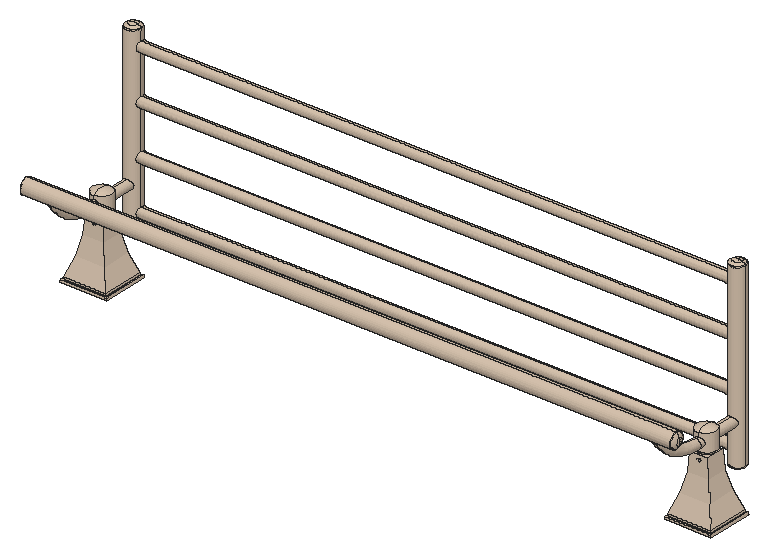
Revit family "Accessory-Towel_Bar-KOHLER-Memoirs-K-37353T_1", category Specialty Equipment, host Face, Revit 2021
Family settings
  Host = Face
  Round Connector Dimension = Use Diameter
  Part Type = Normal
  OmniClass Number = 23.31.25.25
  OmniClass Title = Towel Bars
  Cut with Voids When Loaded = No
  Shared = No
  Room Calculation Point = No
Parameters (values of type "AF-Vibrant French Gold")
  Width = 8 129/256"  # constant formula
  WaterSense Certified = 1 = 0  # no
  URL = "http://www.kohler.com.cn/"
  Type = 1
  Product Page URL = "https://www.kohler.com.cn/product/K-37353T-CP/K-37353T-AF/"
  Product Name = "Memoirs"  # constant formula
  Product Documentation Link = "https://files.kohler.com.cn/pdfs/memoirs_acc_ins.pdf"
  Model = if(Type = 1, "K-37353T-AF", if(Type = 2, "K-37353T-BN", if(Type = 3, "K-37353T-CP", if(Type = 4, "K-37353T-RGD", if(Type = 5, "K-37353T-2MB", if(Type = 6, "K-37353T-BL", "NA"))))))  # "K-37353T-AF"
  Material = "Premium Metal Construction"  # constant formula
  Master Format 2014 Name = "Toilet, Bath, and Laundry Accessories"  # constant formula
  Master Format 2014 = "10 28 00"  # constant formula
  Manufacturer Address = "Kohler Beijing Office (100016) 36-2-03-B, No. 88, Liuxiang Road, Beijing"  # constant formula
  Manufacturer = "Kohler Co."  # constant formula
  Length = 26 1/16"  # constant formula
  Height = 4 103/128"  # constant formula
  Finish = Kohler-Metal-AF-Vibrant_French_Gold
  Environmental Product Declaration = ""
  Description = "MAYMA 24 Inch "  # constant formula
  Default Elevation = 42"
  Declare Label = ""
  Date Modified = "04/26/2023"  # constant formula
  Date Created = "04/26/2023"  # constant formula
  Copyright = "Copyright Kohler Co."  # constant formula
  Contact Us = "http://www.kohler.com.cn/contact/contact-us/"
  Assembly Code = "C1030200"
  ADA Compliant = 1 = 0  # no
Types (7): name | Type | Product Page URL | Model | Finish
  (no name) | 1 | "https://www.kohler.com.cn/product/K-37353T-CP/K-37353T-AF/" | "K-37353T-AF" | Kohler-Metal-AF-Vibrant_French_Gold
  AF-Vibrant French Gold | 1 | "https://www.kohler.com.cn/product/K-37353T-CP/K-37353T-AF/" | "K-37353T-AF" | Kohler-Metal-AF-Vibrant_French_Gold
  BN-Vibrant Brushed Nickel | 2 | "https://www.kohler.com.cn/product/K-37353T-CP/K-37353T-BN/" | "K-37353T-BN" | Kohler-Metal-BN-Vibrant_Brushed_Nickel
  CP-Polished Chrome | 3 | "https://www.kohler.com.cn/product/K-37353T-CP/K-37353T-CP/" | "K-37353T-CP" | Kohler-Metal-CP-Polished_Chrome
  RGD-Polished Rose Gold | 4 | "https://www.kohler.com.cn/product/K-37353T-CP/K-37353T-RGD/" | "K-37353T-RGD" | Kohler-Metal-RGD-Polished_Rose_Gold
  2MB-Vibrant Brushed Moderne Brass | 5 | "https://www.kohler.com.cn/product/K-37353T-CP/K-37353T-2MB/" | "K-37353T-2MB" | Kohler-Metal-2MB-Vibrant_Brushed_Moderne_Brass
  BL-Matte Black | 6 | "https://www.kohler.com.cn/product/K-37353T-CP/K-37353T-BL/" | "K-37353T-BL" | Kohler-Metal-BL-Matte_Black
Reference planes (in)
  plane 1 "Center (Front/Back)": y = 0
  plane 2: z = 0
  plane 3 "Center (Left/Right)": x = 0
  plane 4: y = 2.40157
  plane 5: y = 2.27953
  plane 6: y = 2.08268
  plane 7: y = 1.88583
  plane 8: y = 1.76378
  plane 9: y = 1.45256
  plane 10: y = 0.52736
  plane 11: y = -0.39744
  plane 12: y = -1.77953
  plane 13: y = -2.09055
  plane 14: y = -2.40311
  plane 15: x = -13.0315
  plane 16: x = -12.93287
  plane 17: x = -12.32658
  plane 18: x = -12.20471
  plane 19: x = -11.81065
  plane 20: x = -11.68878
  plane 21: x = -11.08287
  plane 22: x = 13.031
  plane 23: x = 12.93287
  plane 24: x = 12.32658
  plane 25: x = 12.20471
  plane 26: x = 11.81065
  plane 27: x = 11.68878
  plane 28: x = 11.08287
  plane 29: z = 8.50391
  plane 30: z = 7.95276
  plane 31: z = 7.75591
  plane 32: z = 7.55906
  plane 33: z = 5.98268
  plane 34: z = 5.7874
  plane 35: z = 5.59213
  plane 36: z = 4.4983
  plane 37: z = 4.18898
  plane 38: z = 3.87965
  plane 39: z = 4.01417
  plane 40: z = 3.8189
  plane 41: z = 3.62362
  plane 42: z = 2.83465
  plane 43: z = 2.04567
  plane 44: z = 1.85039
  plane 45: z = 1.65512
  plane 46: x = -12.00768
  plane 47: x = 12.00768
Dimensions and locks (in)
  "Length": plane 15 to plane 22
  "Height": plane 4 to plane 14
  "Width": level to plane 29
  plane 44 to level = 1.85039"
  plane 40 to plane 44 = 1.9685"
  plane 34 to plane 40 = 1.9685"
  plane 31 to plane 34 = 1.9685"
  plane 29 to level = 8 129/256"
  plane 30 to plane 32 = 0.3937"
  level to plane 42 = 2.83465"
  level to plane 37 = 4.18898"
  plane 6 to plane 13 = 4.17323"
  plane 6 to plane 10 = 1.55531"
  aligned and locked: plane 2 to host face
  aligned and locked: level to host face
  aligned and locked: plane 3 "Center (Left/Right)" to nested 1
  aligned and locked: plane 1 "Center (Front/Back)" to nested 1
Automatic sketch dimensions
  host sketch curve to host sketch curve = 96"  (x2)
Nested families (in)
  nested 1: "K-37353T" at (0, 0, 0), type "K-37353T"
Definition of nested family "K-37353T"
  Parameters
    Material = none
    Default Elevation = 0"
  Reference planes (in)
    plane 1 "Center (Front/Back)": y = 0
    plane 2: z = 0
    plane 3 "Center (Left/Right)": x = 0
    plane 4: y = -2.40157
    plane 5: y = 2.40157
    plane 6: x = 13.0315
    plane 7: x = -13.0315
    plane 8: z = 8.50394
    plane 9: z = 1.85039
    plane 10: z = 3.8189
    plane 11: z = 5.7874
    plane 12: z = 7.75591
    plane 13: z = 7.55906
    plane 14: z = 7.95276
    plane 15: z = 2.83465
    plane 16: z = 4.18898
    plane 17: y = 2.27953
    plane 18: y = 1.88583
    plane 19: y = 1.76378
    plane 20: y = 1.45256
    plane 21: y = -0.39744
    plane 22: x = -12.93287
    plane 23: x = -11.08287
    plane 24: x = 12.93287
    plane 25: x = 11.08287
    plane 26 "A": x = -12.00768
    plane 27 "D": y = 0.52736
    plane 28: x = -12.20471
    plane 29: x = -11.81065
    plane 30: x = 12.00768
    plane 31: x = 12.20471
    plane 32: x = 11.81065
    plane 33: y = -1.77953
    plane 34: z = 5.98268
    plane 35: z = 5.59213
    plane 36: z = 4.4983
    plane 37: z = 3.87965
    plane 38: z = 4.01417
    plane 39: z = 3.62362
    plane 40: z = 2.04567
    plane 41: z = 1.65512
    plane 42 "C": y = 2.08268
    plane 43 "B": y = -2.09055
    plane 44: x = -12.32658
    plane 45: x = -11.68878
    plane 46: x = 12.32658
    plane 47: x = 11.68878
  Forms (in)
    Sweep 1, solid, material <- "Material", detail levels medium+fine
      path origin (0, 0, 0) x (1, 0, 0) y (0, 1, 0)
        loop
          line (-11.08287, 1.45256) -> (-12.93287, 1.45256) -> (-12.93287, -0.39744) -> (-11.08287, -0.39744) -> (-11.08287, 1.45256)
      profile origin (-12.00787, 1.45256, 0) x (0, -1, 0) y (0, 0, 1)
        loop
          line (0.08033, 0.11) -> (0.03772, 0.11)
          arc (0.03772, 0.11) -> (0.02053, 0.10427) -> (0.01021, 0.08938) r 0.02866
          arc (0.01021, 0.08938) -> (0.00128, 0.04513) -> (0, 0) r 0.26476
          line (0, 0) -> (0.59802, 0) -> (0.59802, 2.39978) -> (0.56469, 2.39978)
          arc (0.56469, 2.39978) -> (0.44026, 1.26944) -> (0.08033, 0.19073) r 5.36376
          line (0.08033, 0.19073) -> (0.08033, 0.11)
    Sweep 2, solid, material <- "Material", detail levels medium+fine
      path origin (0, 0, 0) x (-1, 0, 0) y (0, -1, 0)
        loop
          line (-11.08287, -1.45256) -> (-11.08287, 0.39744) -> (-12.93287, 0.39744) -> (-12.93287, -1.45256) -> (-11.08287, -1.45256)
      profile origin (12.00787, 1.45256, 0) x (0, 1, 0) y (0, 0, 1)
        loop
          line (-0.08033, 0.11) -> (-0.08033, 0.19073)
          arc (-0.08033, 0.19073) -> (-0.44026, 1.26944) -> (-0.56469, 2.39978) r 5.36376
          line (-0.56469, 2.39978) -> (-0.59802, 2.39978) -> (-0.59802, 0) -> (0, 0)
          arc (0, 0) -> (-0.00128, 0.04513) -> (-0.01021, 0.08938) r 0.26476
          arc (-0.01021, 0.08938) -> (-0.02053, 0.10427) -> (-0.03772, 0.11) r 0.02866
          line (-0.03772, 0.11) -> (-0.08033, 0.11)
    Extrusion 3, solid, material <- "Material", detail levels medium+fine
      sketch origin (-11.64756, 0.88787, 2.39978) x (-1, 0, 0) y (0, -1, 0)
        loop
          line (0.68729, 0.03333) -> (0.68729, 0.68729) -> (0.03333, 0.68729) -> (0.03333, 0.03333) -> (0.68729, 0.03333)
        loop
          line (-23.32846, 0.03333) -> (-23.32846, 0.68729) -> (-23.98242, 0.68729) -> (-23.98242, 0.03333) -> (-23.32846, 0.03333)
      from -2.39978 to 0
    Sweep 4, solid, material <- "Material", detail levels medium+fine
      path origin (0, -0.00002, 0) x (0, 1, 0) y (0, 0, 1)
        loop
          line (2.07352, 2.83307) -> (-0.01199, 2.83307)
          arc (-0.01199, 2.83307) -> (-1.21722, 3.18428) -> (-2.04511, 4.12796) r 2.24355
      profile origin (0, 1.03074, 2.83307) x (0, 0, -1) y (1, 0, 0)
        loop
          circle (0, -12.00758) r 0.19685
    Sweep 5, solid, material <- "Material", detail levels medium+fine
      path origin (0, -0.00002, 0) x (0, 1, 0) y (0, 0, -1)
        loop
          line (2.07352, -2.83307) -> (-0.01199, -2.83307)
          arc (-0.01199, -2.83307) -> (-1.21722, -3.18428) -> (-2.04511, -4.12796) r 2.24355
      profile origin (0, 1.03074, 2.83307) x (0, 0, 1) y (-1, 0, 0)
        loop
          circle (0, -12.00758) r 0.19685
    Revolve 6, solid, material <- "Material", detail levels medium+fine
      sketch origin (-12.00768, 0, 0) x (0, 1, 0) y (0, 0, 1)
        loop
          line (0.13386, 2.49843) -> (0.28729, 2.34499) -> (0.52736, 2.34499) -> (0.52736, 3.30555)
          arc (0.52736, 3.30555) -> (0.32175, 3.275) -> (0.13386, 3.18609) r 0.70847
          line (0.13386, 3.18609) -> (0.13386, 2.49843)
        axis (0.52736, 3.30555) -> (0.52736, 2.34499)
      angle from 0 to 360
    Revolve 7, solid, material <- "Material", detail levels medium+fine
      sketch origin (12.00768, 0, 0) x (0, 1, 0) y (0, 0, -1)
        loop
          line (0.13386, -2.49843) -> (0.13386, -3.18609)
          arc (0.13386, -3.18609) -> (0.32175, -3.275) -> (0.52736, -3.30555) r 0.70847
          line (0.52736, -3.30555) -> (0.52736, -2.34499) -> (0.28729, -2.34499) -> (0.13386, -2.49843)
        axis (0.52736, -3.30555) -> (0.52736, -2.34499)
      angle from 0 to 360
    Revolve 8, solid, material <- "Material", detail levels medium+fine
      sketch origin (0, -2.09055, 0) x (0, 0, -1) y (-1, 0, 0)
        loop
          arc (-4.31693, 13.0103) -> (-4.4034, 12.97369) -> (-4.4838, 12.92516) r 0.65911
          arc (-4.4838, 12.92516) -> (-4.49446, 12.91293) -> (-4.4983, 12.89717) r 0.03425
          line (-4.4983, 12.89717) -> (-4.4983, -12.89717)
          arc (-4.4983, -12.89717) -> (-4.49446, -12.91293) -> (-4.4838, -12.92516) r 0.03425
          arc (-4.4838, -12.92516) -> (-4.4034, -12.97369) -> (-4.31693, -13.0103) r 0.65911
          arc (-4.31693, -13.0103) -> (-4.25383, -13.02627) -> (-4.18898, -13.03181) r 0.40059
          line (-4.18898, -13.03181) -> (-4.18898, 13.03181)
          arc (-4.18898, 13.03181) -> (-4.25383, 13.02627) -> (-4.31693, 13.0103) r 0.40059
        axis (-4.18898, -13.03181) -> (-4.18898, 13.03181)
      angle from 0 to 360
    Revolve 9, solid, material <- "Material", detail levels medium+fine
      sketch origin (0, 2.08268, 0) x (0, 0, -1) y (-1, 0, 0)
        loop
          arc (-8.36783, 12.3189) -> (-8.38275, 12.31548) -> (-8.39469, 12.3059) r 0.03425
          arc (-8.39469, 12.3059) -> (-8.43457, 12.2479) -> (-8.46634, 12.18509) r 0.52515
          arc (-8.46634, 12.18509) -> (-8.49325, 12.0982) -> (-8.50219, 12.00768) r 0.45143
          line (-8.50219, 12.00768) -> (-1.10067, 12.00768)
          arc (-1.10067, 12.00768) -> (-1.10824, 12.08916) -> (-1.13073, 12.16784) r 0.44127
          arc (-1.13073, 12.16784) -> (-1.16442, 12.23927) -> (-1.20767, 12.30535) r 0.56908
          arc (-1.20767, 12.30535) -> (-1.21973, 12.31532) -> (-1.23496, 12.3189) r 0.03425
          line (-1.23496, 12.3189) -> (-8.36783, 12.3189)
        axis (-1.10067, 12.00768) -> (-8.50219, 12.00768)
      angle from 0 to 360
    Revolve 10, solid, material <- "Material", detail levels medium+fine
      sketch origin (0, 2.08268, 0) x (0, 0, -1) y (-1, 0, 0)
        loop
          line (-8.36783, -12.3189) -> (-1.23496, -12.3189)
          arc (-1.23496, -12.3189) -> (-1.21973, -12.31532) -> (-1.20767, -12.30535) r 0.03425
          arc (-1.20767, -12.30535) -> (-1.16442, -12.23927) -> (-1.13073, -12.16784) r 0.56908
          arc (-1.13073, -12.16784) -> (-1.10824, -12.08916) -> (-1.10067, -12.00768) r 0.44127
          line (-1.10067, -12.00768) -> (-8.50219, -12.00768)
          arc (-8.50219, -12.00768) -> (-8.49325, -12.0982) -> (-8.46634, -12.18509) r 0.45143
          arc (-8.46634, -12.18509) -> (-8.43457, -12.2479) -> (-8.39469, -12.3059) r 0.52515
          arc (-8.39469, -12.3059) -> (-8.38275, -12.31548) -> (-8.36783, -12.3189) r 0.03425
        axis (-1.10067, -12.00768) -> (-8.50219, -12.00768)
      angle from 0 to 360
    Revolve 11, solid, material <- "Material", detail levels medium+fine
      sketch origin (0, 2.08268, 0) x (0, 0, -1) y (-1, 0, 0)
        loop
          line (-7.95134, 11.99928) -> (-7.95134, -12.00164) -> (-7.75441, -12.00164) -> (-7.75441, 11.99928) -> (-7.95134, 11.99928)
        axis (-7.75441, -12.00164) -> (-7.75441, 11.99928)
      angle from 0 to 360
    Revolve 12, solid, material <- "Material", detail levels medium+fine
      sketch origin (0, 2.08268, 0) x (0, 0, -1) y (-1, 0, 0)
        loop
          line (-5.98308, 12.01403) -> (-5.98308, -12.03635) -> (-5.78603, -12.03635) -> (-5.78603, 12.01403) -> (-5.98308, 12.01403)
        axis (-5.78603, 12.01403) -> (-5.78603, -12.03635)
      angle from 0 to 360
    Revolve 13, solid, material <- "Material", detail levels medium+fine
      sketch origin (0, 2.08268, 0) x (0, 0, -1) y (-1, 0, 0)
        loop
          line (-4.01433, 12.0235) -> (-4.01433, -12.03732) -> (-3.8174, -12.03732) -> (-3.8174, 12.0235) -> (-4.01433, 12.0235)
        axis (-3.8174, -12.03732) -> (-3.8174, 12.0235)
      angle from 0 to 360
    Revolve 14, solid, material <- "Material", detail levels medium+fine
      sketch origin (0, 2.08268, 0) x (0, 0, -1) y (-1, 0, 0)
        loop
          line (-2.04568, 12.00724) -> (-2.04568, -12.01068) -> (-1.84882, -12.01068) -> (-1.84882, 12.00724) -> (-2.04568, 12.00724)
        axis (-1.84882, 12.00724) -> (-1.84882, -12.01068)
      angle from 0 to 360
    Extrusion 15, void
      sketch origin (0, 0.52736, 0) x (1, 0, 0) y (0, 0, 1)
        loop
          circle (-12.00787, 2.2) r 0.07
      from 0.1875 to 0.59793
    Extrusion 16, void
      sketch origin (0, 0.52736, 0) x (-1, 0, 0) y (0, 0, -1)
        loop
          circle (-12.00787, -2.2) r 0.07
      from 0.1875 to 0.59793
    Extrusion 17, solid, detail levels medium+fine
      sketch origin (0, 0.52736, 0) x (1, 0, 0) y (0, 0, 1)
        loop
          circle (-12.00787, 2.2) r 0.07
        loop
          circle (12.00787, 2.2) r 0.07
      from 0.1875 to 0.50711
    Extrusion 18, void
      sketch origin (0, 0, 0) x (0, 1, 0) y (0, 0, 1)
        loop
          arc (0.15596, 2.121) -> (0.15984, 2.20193) -> (0.1625, 2.2829) r 5.36376
          line (0.1625, 2.2829) -> (0.01077, 2.2829) -> (0.01077, 2.121) -> (0.15596, 2.121)
      from -12.85254 to 13.15871
    Sweep 19, solid, material <- "Material", detail levels coarse
      path origin (0, 0, 0) x (1, 0, 0) y (0, 1, 0)
        loop
          line (-12.93287, 1.45256) -> (-12.93287, -0.39744) -> (-11.08287, -0.39744) -> (-11.08287, 1.45256) -> (-12.93287, 1.45256)
      profile origin (-12.00787, 1.45256, 0) x (0, 1, 0) y (0, 0, 1)
        loop
          line (-0.56469, 3.30583) -> (-0.59864, 3.30583) -> (-0.59864, 0) -> (0, 0) -> (0, 0.19058) -> (-0.56469, 0.19058) -> (-0.56469, 3.30583)
    Sweep 20, solid, material <- "Material", detail levels coarse
      path origin (0, 0, 0) x (-1, 0, 0) y (0, -1, 0)
        loop
          line (-12.93287, -1.45256) -> (-11.08287, -1.45256) -> (-11.08287, 0.39744) -> (-12.93287, 0.39744) -> (-12.93287, -1.45256)
      profile origin (12.00787, 1.45256, 0) x (0, -1, 0) y (0, 0, 1)
        loop
          line (0.56469, 3.30583) -> (0.56469, 0.19058) -> (0, 0.19058) -> (0, 0) -> (0.59864, 0) -> (0.59864, 3.30583) -> (0.56469, 3.30583)
    Extrusion 21, solid, material <- "Material", detail levels coarse
      sketch origin (-12.33424, 0.85392, 3.30583) x (1, 0, 0) y (0, 1, 0)
        loop
          line (0, -0.65273) -> (0.65273, -0.65273) -> (0.65273, 0) -> (0, 0) -> (0, -0.65273)
        loop
          line (24.01575, -0.65273) -> (24.66847, -0.65273) -> (24.66847, 0) -> (24.01575, 0) -> (24.01575, -0.65273)
      from -3.30583 to 0
    Sweep 22, solid, material <- "Material", detail levels coarse
      path origin (-12.00768, 0, 0) x (0, 1, 0) y (0, 0, 1)
        loop
          line (2.08268, 2.83465) -> (0.07547, 2.83465)
          arc (0.07547, 2.83465) -> (-1.20182, 3.2011) -> (-2.09055, 4.18898) r 2.40926
      profile origin (-12.00768, 1.07908, 2.83465) x (0, 0, -1) y (1, 0, 0)
        loop
          circle (0, 0) r 0.19685
    Sweep 23, solid, material <- "Material", detail levels coarse
      path origin (12.00768, 0, 0) x (0, 1, 0) y (0, 0, -1)
        loop
          line (2.08268, -2.83465) -> (0.07547, -2.83465)
          arc (0.07547, -2.83465) -> (-1.20182, -3.2011) -> (-2.09055, -4.18898) r 2.40926
      profile origin (12.00768, 1.07908, 2.83465) x (0, 0, 1) y (-1, 0, 0)
        loop
          circle (0, 0) r 0.19685
    Revolve 24, solid, material <- "Material", detail levels coarse
      sketch origin (0, -2.09055, 0) x (0, 0, -1) y (-1, 0, 0)
        loop
          line (-4.4983, 13.0315) -> (-4.4983, -13.0315) -> (-4.18898, -13.0315) -> (-4.18898, 13.0315) -> (-4.4983, 13.0315)
        axis (-4.18898, 13.0315) -> (-4.18898, -13.0315)
      angle from 0 to 360
    Revolve 25, solid, material <- "Material", detail levels coarse
      sketch origin (0, 2.08268, 0) x (0, 0, -1) y (-1, 0, 0)
        loop
          line (-8.50394, 12.32658) -> (-8.50394, 12.00768) -> (-1.1002, 12.00768) -> (-1.1002, 12.32658) -> (-8.50394, 12.32658)
        axis (-8.50394, 12.00768) -> (-1.1002, 12.00768)
      angle from 0 to 360
    Revolve 26, solid, material <- "Material", detail levels coarse
      sketch origin (0, 2.08268, 0) x (0, 0, -1) y (-1, 0, 0)
        loop
          line (-8.50394, -12.32658) -> (-1.1002, -12.32658) -> (-1.1002, -12.00768) -> (-8.50394, -12.00768) -> (-8.50394, -12.32658)
        axis (-8.50394, -12.00768) -> (-1.1002, -12.00768)
      angle from 0 to 360
    Revolve 27, solid, material <- "Material", detail levels coarse
      sketch origin (0, 2.08268, 0) x (0, 0, -1) y (-1, 0, 0)
        loop
          line (-7.95276, 12.00768) -> (-7.95276, -12.00768) -> (-7.75591, -12.00768) -> (-7.75591, 12.00768) -> (-7.95276, 12.00768)
        axis (-7.75591, 12.00768) -> (-7.75591, -12.00768)
      angle from 0 to 360
    Revolve 28, solid, material <- "Material", detail levels coarse
      sketch origin (0, 2.08268, 0) x (0, 0, -1) y (-1, 0, 0)
        loop
          line (-5.98268, -12.00768) -> (-5.7874, -12.00768) -> (-5.7874, 12.00768) -> (-5.98268, 12.00768) -> (-5.98268, -12.00768)
        axis (-5.7874, -12.00768) -> (-5.7874, 12.00768)
      angle from 0 to 360
    Revolve 29, solid, material <- "Material", detail levels coarse
      sketch origin (0, 2.08268, 0) x (0, 0, -1) y (-1, 0, 0)
        loop
          line (-3.81897, 12.00768) -> (-3.81897, -12.00768) -> (-3.62362, -12.00768) -> (-3.62362, 12.00768) -> (-3.81897, 12.00768)
        axis (-3.81897, 12.00768) -> (-3.81897, -12.00768)
      angle from 0 to 360
    Revolve 30, solid, material <- "Material", detail levels coarse
      sketch origin (0, 2.08268, 0) x (0, 0, -1) y (-1, 0, 0)
        loop
          line (-1.85039, 12.00768) -> (-1.85039, -12.00768) -> (-1.65512, -12.00768) -> (-1.65512, 12.00768) -> (-1.85039, 12.00768)
        axis (-1.85039, 12.00768) -> (-1.85039, -12.00768)
      angle from 0 to 360
  Cuts and joins
    Extrusion 15, Extrusion 16 cuts Sweep 1
    Extrusion 15, Extrusion 16 cuts Sweep 2
    Extrusion 15, Extrusion 16 cuts Extrusion 3
    Extrusion 15, Extrusion 16 cuts Sweep 4
    Extrusion 15, Extrusion 16 cuts Sweep 5
    Extrusion 15, Extrusion 16 cuts Revolve 6
    Extrusion 15, Extrusion 16 cuts Revolve 7
    Extrusion 15, Extrusion 16 cuts Revolve 8
    Extrusion 15, Extrusion 16 cuts Revolve 11
    Extrusion 15, Extrusion 16 cuts Revolve 12
    Extrusion 15, Extrusion 16 cuts Revolve 13
    Extrusion 15, Extrusion 16 cuts Revolve 14
    joined: Sweep 1, Sweep 2, Extrusion 3, Sweep 4, Sweep 5, Revolve 6, Revolve 7, Revolve 8, Revolve 9, Revolve 10, Revolve 11, Revolve 12, Revolve 13, Revolve 14
    Extrusion 18 cuts Extrusion 17
    joined: Sweep 19, Sweep 20, Extrusion 21, Sweep 22, Sweep 23, Revolve 24, Revolve 25, Revolve 26, Revolve 27, Revolve 28, Revolve 29, Revolve 30
  Lines and regions (in)
    Masking region 1
      outline origin (0, 0, 0) x (1, 0, 0) y (0, 1, 0)
        loop
          arc (-11.10374, 1.45256) -> (-11.08899, 1.44645) -> (-11.08287, 1.43169) r 0.02087
          line (-11.08287, 1.43169) -> (-11.08287, -0.37657)
          arc (-11.08287, -0.37657) -> (-11.08899, -0.39133) -> (-11.10374, -0.39744) r 0.02087
          line (-11.10374, -0.39744) -> (-11.81065, -0.39744) -> (-11.81065, -1.77953) -> (0, -1.77953) -> (11.81065, -1.77953) -> (11.81065, -0.39744) -> (11.10374, -0.39744)
          arc (11.10374, -0.39744) -> (11.08899, -0.39133) -> (11.08287, -0.37657) r 0.02087
          line (11.08287, -0.37657) -> (11.08287, 1.43169)
          arc (11.08287, 1.43169) -> (11.08899, 1.44645) -> (11.10374, 1.45256) r 0.02087
          line (11.10374, 1.45256) -> (11.81065, 1.45256) -> (11.81065, 1.83193)
          arc (11.81065, 1.83193) -> (11.7821, 1.85726) -> (11.75679, 1.88583) r 0.3189
          line (11.75679, 1.88583) -> (0, 1.88583) -> (-11.75679, 1.88583)
          arc (-11.75679, 1.88583) -> (-11.7821, 1.85726) -> (-11.81065, 1.83193) r 0.3189
          line (-11.81065, 1.83193) -> (-11.81065, 1.45256) -> (-11.10374, 1.45256)
        loop
          line (-12.93287, 1.43152) -> (-12.93287, -0.37657)
          arc (-12.93287, -0.37657) -> (-12.92676, -0.39133) -> (-12.91201, -0.39744) r 0.02087
          line (-12.91201, -0.39744) -> (-12.20471, -0.39744) -> (-12.20471, -1.77953) -> (-12.89312, -1.77953)
          arc (-12.89312, -1.77953) -> (-12.91091, -1.78378) -> (-12.92486, -1.7956) r 0.03937
          arc (-12.92486, -1.7956) -> (-12.96856, -1.86416) -> (-13.00289, -1.93785) r 0.6188
          arc (-13.00289, -1.93785) -> (-13.0315, -2.10333) -> (-12.99371, -2.26695) r 0.42461
          arc (-12.99371, -2.26695) -> (-12.96303, -2.32726) -> (-12.92708, -2.38459) r 0.75727
          arc (-12.92708, -2.38459) -> (-12.91298, -2.39707) -> (-12.89469, -2.40157) r 0.03937
          line (-12.89469, -2.40157) -> (0, -2.40157) -> (12.89469, -2.40157)
          arc (12.89469, -2.40157) -> (12.91298, -2.39707) -> (12.92708, -2.38459) r 0.03937
          arc (12.92708, -2.38459) -> (12.96303, -2.32726) -> (12.99371, -2.26695) r 0.75727
          arc (12.99371, -2.26695) -> (13.0315, -2.10333) -> (13.00289, -1.93785) r 0.42461
          arc (13.00289, -1.93785) -> (12.96856, -1.86416) -> (12.92486, -1.7956) r 0.6188
          arc (12.92486, -1.7956) -> (12.91091, -1.78378) -> (12.89312, -1.77953) r 0.03937
          line (12.89312, -1.77953) -> (12.20471, -1.77953) -> (12.20471, -0.39744) -> (12.91201, -0.39744)
          arc (12.91201, -0.39744) -> (12.92676, -0.39133) -> (12.93287, -0.37657) r 0.02087
          line (12.93287, -0.37657) -> (12.93287, 1.43152)
          arc (12.93287, 1.43152) -> (12.92671, 1.4464) -> (12.91184, 1.45256) r 0.02104
          line (12.91184, 1.45256) -> (12.20471, 1.45256) -> (12.20471, 1.83193)
          arc (12.20471, 1.83193) -> (12.23309, 2.30825) -> (11.75679, 2.27953) r 0.3189
          line (11.75679, 2.27953) -> (0, 2.27953) -> (-11.75679, 2.27953)
          arc (-11.75679, 2.27953) -> (-12.23309, 2.30825) -> (-12.20471, 1.83193) r 0.3189
          line (-12.20471, 1.83193) -> (-12.20471, 1.45256) -> (-12.91184, 1.45256)
          arc (-12.91184, 1.45256) -> (-12.92671, 1.4464) -> (-12.93287, 1.43152) r 0.02104
    Masking region 2
      outline origin (0, 0.52736, 0) x (1, 0, 0) y (0, 0, 1)
        loop
          line (-12.00768, 0) -> (-11.08248, 0)
          arc (-11.08248, 0) -> (-11.08388, 0.04615) -> (-11.09309, 0.09139) r 0.27091
          arc (-11.09309, 0.09139) -> (-11.10243, 0.10483) -> (-11.11797, 0.11) r 0.02593
          line (-11.11797, 0.11) -> (-11.16281, 0.11) -> (-11.16281, 0.19073)
          arc (-11.16281, 0.19073) -> (-11.41766, 0.90976) -> (-11.58011, 1.65512) r 6.05705
          line (-11.58011, 1.65512) -> (0, 1.65512) -> (11.58011, 1.65512)
          arc (11.58011, 1.65512) -> (11.41766, 0.90976) -> (11.16281, 0.19073) r 6.05705
          line (11.16281, 0.19073) -> (11.16281, 0.11) -> (11.11797, 0.11)
          arc (11.11797, 0.11) -> (11.10243, 0.10483) -> (11.09309, 0.09139) r 0.02593
          arc (11.09309, 0.09139) -> (11.08388, 0.04615) -> (11.08248, 0) r 0.27091
          line (11.08248, 0) -> (12.00768, 0) -> (12.93287, 0)
          arc (12.93287, 0) -> (12.93148, 0.04615) -> (12.92226, 0.09139) r 0.27091
          arc (12.92226, 0.09139) -> (12.91292, 0.10483) -> (12.89739, 0.11) r 0.02593
          line (12.89739, 0.11) -> (12.85254, 0.11) -> (12.85254, 0.19073)
          arc (12.85254, 0.19073) -> (12.50635, 1.27245) -> (12.36818, 2.39978) r 6.05705
          line (12.36818, 2.39978) -> (12.30293, 2.39978) -> (12.40158, 2.49843) -> (12.40158, 3.18609)
          arc (12.40158, 3.18609) -> (12.36476, 3.20929) -> (12.32658, 3.23017) r 0.70433
          line (12.32658, 3.23017) -> (12.32658, 3.87965) -> (12.89613, 3.87965)
          arc (12.89613, 3.87965) -> (12.91177, 3.88312) -> (12.92447, 3.89289) r 0.03695
          arc (12.92447, 3.89289) -> (13.03149, 4.18954) -> (12.92196, 4.48528) r 0.45927
          arc (12.92196, 4.48528) -> (12.9093, 4.49489) -> (12.89378, 4.4983) r 0.03701
          line (12.89378, 4.4983) -> (12.32658, 4.4983) -> (12.32658, 8.36113)
          arc (12.32658, 8.36113) -> (12.32266, 8.3774) -> (12.31178, 8.39012) r 0.03581
          arc (12.31178, 8.39012) -> (12.26005, 8.42478) -> (12.20589, 8.45553) r 0.84332
          arc (12.20589, 8.45553) -> (12.01714, 8.50384) -> (11.82648, 8.46372) r 0.42922
          arc (11.82648, 8.46372) -> (11.76278, 8.42982) -> (11.703, 8.3894) r 0.68446
          arc (11.703, 8.3894) -> (11.69253, 8.37678) -> (11.68878, 8.36082) r 0.03583
          line (11.68878, 8.36082) -> (11.68878, 7.95276) -> (0, 7.95276) -> (-11.68878, 7.95276) -> (-11.68878, 8.36082)
          arc (-11.68878, 8.36082) -> (-11.69253, 8.37678) -> (-11.703, 8.3894) r 0.03583
          arc (-11.703, 8.3894) -> (-11.76278, 8.42982) -> (-11.82648, 8.46372) r 0.68446
          arc (-11.82648, 8.46372) -> (-12.01714, 8.50384) -> (-12.20589, 8.45553) r 0.42922
          arc (-12.20589, 8.45553) -> (-12.26005, 8.42478) -> (-12.31178, 8.39012) r 0.84332
          arc (-12.31178, 8.39012) -> (-12.32266, 8.3774) -> (-12.32658, 8.36113) r 0.03581
          line (-12.32658, 8.36113) -> (-12.32658, 4.4983) -> (-12.89378, 4.4983)
          arc (-12.89378, 4.4983) -> (-12.9093, 4.49489) -> (-12.92196, 4.48528) r 0.03701
          arc (-12.92196, 4.48528) -> (-13.03149, 4.18954) -> (-12.92447, 3.89289) r 0.45927
          arc (-12.92447, 3.89289) -> (-12.91177, 3.88312) -> (-12.89613, 3.87965) r 0.03695
          line (-12.89613, 3.87965) -> (-12.32658, 3.87965) -> (-12.32658, 3.23017)
          arc (-12.32658, 3.23017) -> (-12.36476, 3.20929) -> (-12.40158, 3.18609) r 0.70433
          line (-12.40158, 3.18609) -> (-12.40158, 2.49843) -> (-12.30293, 2.39978) -> (-12.36818, 2.39978)
          arc (-12.36818, 2.39978) -> (-12.50635, 1.27245) -> (-12.85254, 0.19073) r 6.05705
          line (-12.85254, 0.19073) -> (-12.85254, 0.11) -> (-12.89739, 0.11)
          arc (-12.89739, 0.11) -> (-12.91292, 0.10483) -> (-12.92226, 0.09139) r 0.02593
          arc (-12.92226, 0.09139) -> (-12.93148, 0.04615) -> (-12.93287, 0) r 0.27091
          line (-12.93287, 0) -> (-12.00768, 0)
        loop
          line (-11.68878, 7.55906) -> (-11.68878, 5.98268) -> (0, 5.98268) -> (11.68878, 5.98268) -> (11.68878, 7.55906) -> (0, 7.55906) -> (-11.68878, 7.55906)
        loop
          line (-11.68878, 5.59213) -> (-11.68878, 4.4983) -> (0, 4.4983) -> (11.68878, 4.4983) -> (11.68878, 5.59213) -> (0, 5.59213) -> (-11.68878, 5.59213)
        loop
          line (-11.68878, 3.62362) -> (-11.68878, 3.22997)
          arc (-11.68878, 3.22997) -> (-11.6508, 3.20917) -> (-11.61417, 3.18609) r 0.70433
          line (-11.61417, 3.18609) -> (-11.61417, 2.49803) -> (-11.71242, 2.39978) -> (-11.64717, 2.39978)
          arc (-11.64717, 2.39978) -> (-11.6396, 2.22258) -> (-11.62684, 2.04567) r 6.05705
          line (-11.62684, 2.04567) -> (0, 2.04567) -> (11.62684, 2.04567)
          arc (11.62684, 2.04567) -> (11.6396, 2.22258) -> (11.64717, 2.39978) r 6.05705
          line (11.64717, 2.39978) -> (11.71242, 2.39978) -> (11.61417, 2.49803) -> (11.61417, 3.18609)
          arc (11.61417, 3.18609) -> (11.6508, 3.20917) -> (11.68878, 3.22997) r 0.70433
          line (11.68878, 3.22997) -> (11.68878, 3.62362) -> (0, 3.62362) -> (-11.68878, 3.62362)
    Masking region 3
      outline origin (-12.00768, 0, 0) x (0, 1, 0) y (0, 0, 1)
        loop
          arc (2.40157, 8.36145) -> (2.39742, 8.37839) -> (2.3859, 8.39149) r 0.03661
          arc (2.3859, 8.39149) -> (2.31386, 8.43619) -> (2.23747, 8.47295) r 0.79436
          arc (2.23747, 8.47295) -> (2.16161, 8.49612) -> (2.08268, 8.50394) r 0.40202
          arc (2.08268, 8.50394) -> (2.00375, 8.49612) -> (1.92789, 8.47295) r 0.40202
          arc (1.92789, 8.47295) -> (1.8515, 8.43619) -> (1.77946, 8.39149) r 0.79436
          arc (1.77946, 8.39149) -> (1.76793, 8.37839) -> (1.76378, 8.36145) r 0.03661
          line (1.76378, 8.36145) -> (1.76378, 3.02992) -> (0.92087, 3.02992) -> (0.92087, 3.18609)
          arc (0.92087, 3.18609) -> (0.52736, 3.30677) -> (0.13386, 3.18609) r 0.70186
          line (0.13386, 3.18609) -> (0.13386, 3.02992) -> (0.05512, 3.02992)
          arc (0.05512, 3.02992) -> (-1.01015, 3.31077) -> (-1.7985, 4.0803) r 2.16074
          arc (-1.7985, 4.0803) -> (-1.78479, 4.13029) -> (-1.77958, 4.18185) r 0.31102
          arc (-1.77958, 4.18185) -> (-2.08512, 4.49825) -> (-2.40153, 4.19271) r 0.31102
          arc (-2.40153, 4.19271) -> (-2.33029, 3.98914) -> (-2.14378, 3.88084) r 0.31102
          arc (-2.14378, 3.88084) -> (-1.20824, 2.96896) -> (0.05512, 2.63622) r 2.56473
          line (0.05512, 2.63622) -> (0.13386, 2.63622) -> (0.13386, 2.49843) -> (0.23228, 2.4) -> (0.16686, 2.4)
          arc (0.16686, 2.4) -> (0.04245, 1.26955) -> (-0.3175, 0.19073) r 5.36376
          line (-0.3175, 0.19073) -> (-0.3175, 0.11) -> (-0.3615, 0.11)
          arc (-0.3615, 0.11) -> (-0.37752, 0.10469) -> (-0.38719, 0.09086) r 0.02681
          arc (-0.38719, 0.09086) -> (-0.39647, 0.0459) -> (-0.39783, 0) r 0.26476
          line (-0.39783, 0) -> (0.52736, 0) -> (1.45256, 0)
          arc (1.45256, 0) -> (1.45119, 0.0459) -> (1.44191, 0.09086) r 0.26476
          arc (1.44191, 0.09086) -> (1.43224, 0.10469) -> (1.41622, 0.11) r 0.02681
          line (1.41622, 0.11) -> (1.37223, 0.11) -> (1.37223, 0.19073)
          arc (1.37223, 0.19073) -> (1.01228, 1.26955) -> (0.88787, 2.4) r 5.36376
          line (0.88787, 2.4) -> (0.82244, 2.4) -> (0.92087, 2.49843) -> (0.92087, 2.63622) -> (1.76378, 2.63622) -> (1.76378, 1.24169)
          arc (1.76378, 1.24169) -> (1.76748, 1.22567) -> (1.77784, 1.2129) r 0.03649
          arc (1.77784, 1.2129) -> (1.8475, 1.16639) -> (1.92321, 1.13056) r 0.57193
          arc (1.92321, 1.13056) -> (2.00157, 1.10831) -> (2.08268, 1.10081) r 0.44239
          arc (2.08268, 1.10081) -> (2.16379, 1.10831) -> (2.24215, 1.13056) r 0.44239
          arc (2.24215, 1.13056) -> (2.31785, 1.16639) -> (2.38751, 1.2129) r 0.57193
          arc (2.38751, 1.2129) -> (2.39787, 1.22567) -> (2.40157, 1.24169) r 0.03649
          line (2.40157, 1.24169) -> (2.40157, 8.36145)
    symbolic lines, detail levels medium+fine
      curve 1: arc (-11.75679, 1.88583, 0) -> (-11.68878, 2.08268, 0) -> (-11.75679, 2.27953, 0) r 0.3189
      curve 2: arc (-12.20471, 1.83193, 0) -> (-12.00768, 1.76378, 0) -> (-11.81065, 1.83193, 0) r 0.3189
      curve 3: arc (11.75679, 1.88583, 0) -> (11.68878, 2.08268, 0) -> (11.75679, 2.27953, 0) r 0.3189
      curve 4: arc (12.20471, 1.83193, 0) -> (12.00768, 1.76378, 0) -> (11.81065, 1.83193, 0) r 0.3189
      curve 5: circle (-12.00787, 0.52756, 0) r 0.29528 normal (0, 0, 1)
      curve 6: circle (12.00787, 0.52756, 0) r 0.29528 normal (0, 0, -1)
      curve 7: line (-11.16321, 1.37223, 0) -> (-11.81065, 1.37223, 0)
      curve 8: line (-12.85254, 1.37223, 0) -> (-12.85254, -0.31711, 0)
      curve 9: line (-11.16321, -0.31711, 0) -> (-11.16321, 1.37223, 0)
      curve 10: line (-12.85254, -0.31711, 0) -> (-12.20471, -0.31711, 0)
      curve 11: line (-12.20471, 1.45256, 0) -> (-12.20471, 0.80135, 0)
      curve 12: line (-11.81065, 1.45256, 0) -> (-11.81065, 0.80135, 0)
      curve 13: line (-12.20471, 1.37223, 0) -> (-12.85254, 1.37223, 0)
      curve 14: line (-12.20471, -0.39744, 0) -> (-12.20471, 0.25337, 0)
      curve 15: line (-11.81065, -0.39744, 0) -> (-11.81065, 0.25337, 0)
      curve 16: line (-11.81065, -0.31711, 0) -> (-11.16321, -0.31711, 0)
      curve 17: line (11.16321, 1.37223, 0) -> (11.81065, 1.37223, 0)
      curve 18: line (12.85254, 1.37223, 0) -> (12.85254, -0.31711, 0)
      curve 19: line (11.16321, -0.31711, 0) -> (11.16321, 1.37223, 0)
      curve 20: line (12.85254, -0.31711, 0) -> (12.20471, -0.31711, 0)
      curve 21: line (12.20471, 1.45256, 0) -> (12.20471, 0.80135, 0)
      curve 22: line (11.81065, 1.45256, 0) -> (11.81065, 0.80135, 0)
      curve 23: line (12.20471, 1.37223, 0) -> (12.85254, 1.37223, 0)
      curve 24: line (12.20471, -0.39744, 0) -> (12.20471, 0.25337, 0)
      curve 25: line (11.81065, -0.39744, 0) -> (11.81065, 0.25337, 0)
      curve 26: line (11.81065, -0.31711, 0) -> (11.16321, -0.31711, 0)
      curve 27: line (-12.76104, 1.28077, 0) -> (-12.20471, 1.28077, 0)
      curve 28: line (-11.2548, 1.28077, 0) -> (-11.2548, -0.22556, 0)
      curve 29: line (-11.2548, -0.22556, 0) -> (-11.81065, -0.22556, 0)
      curve 30: line (-12.76104, -0.22556, 0) -> (-12.76104, 1.28077, 0)
      curve 31: line (-11.81065, 1.28077, 0) -> (-11.2548, 1.28077, 0)
      curve 32: line (-12.20471, -0.22556, 0) -> (-12.76104, -0.22556, 0)
      curve 33: line (12.76104, 1.28077, 0) -> (12.20471, 1.28077, 0)
      curve 34: line (11.2548, 1.28077, 0) -> (11.2548, -0.22556, 0)
      curve 35: line (11.2548, -0.22556, 0) -> (11.81065, -0.22556, 0)
      curve 36: line (12.76104, -0.22556, 0) -> (12.76104, 1.28077, 0)
      curve 37: line (11.81065, 1.28077, 0) -> (11.2548, 1.28077, 0)
      curve 38: line (12.20471, -0.22556, 0) -> (12.76104, -0.22556, 0)
      curve 39: line (-11.73369, 0.80135, 0) -> (-11.73369, 0.63714, 0)
      curve 40: line (-11.73369, 0.80135, 0) -> (-11.89731, 0.80135, 0)
      curve 41: line (-12.28167, 0.80135, 0) -> (-12.28167, 0.63812, 0)
      curve 42: line (-11.73369, 0.25337, 0) -> (-11.89829, 0.25337, 0)
      curve 43: line (-12.11844, 0.80135, 0) -> (-12.28167, 0.80135, 0)
      curve 44: line (-12.11746, 0.25337, 0) -> (-12.28167, 0.25337, 0)
      curve 45: line (-11.73369, 0.41798, 0) -> (-11.73369, 0.25337, 0)
      curve 46: line (-12.28167, 0.417, 0) -> (-12.28167, 0.25337, 0)
      curve 47: line (11.73369, 0.80135, 0) -> (11.73369, 0.63714, 0)
      curve 48: line (11.73369, 0.80135, 0) -> (11.89731, 0.80135, 0)
      curve 49: line (12.28167, 0.80135, 0) -> (12.28167, 0.63812, 0)
      curve 50: line (11.73369, 0.25337, 0) -> (11.89829, 0.25337, 0)
      curve 51: line (12.11844, 0.80135, 0) -> (12.28167, 0.80135, 0)
      curve 52: line (12.11746, 0.25337, 0) -> (12.28167, 0.25337, 0)
      curve 53: line (11.73369, 0.41798, 0) -> (11.73369, 0.25337, 0)
      curve 54: line (12.28167, 0.417, 0) -> (12.28167, 0.25337, 0)
      curve 55: line (-12.28167, 0.80135, 0) -> (-12.76102, 1.2807, 0)
      curve 56: line (-11.2548, 1.28077, 0) -> (-11.73422, 0.80135, 0)
      curve 57: line (-12.28167, 0.25337, 0) -> (-12.7606, -0.22556, 0)
      curve 58: line (-11.73369, 0.25337, 0) -> (-11.2548, -0.22551, 0)
      curve 59: line (12.28167, 0.80135, 0) -> (12.76102, 1.2807, 0)
      curve 60: line (11.2548, 1.28077, 0) -> (11.73422, 0.80135, 0)
      curve 61: line (12.28167, 0.25337, 0) -> (12.7606, -0.22556, 0)
      curve 62: line (11.73369, 0.25337, 0) -> (11.2548, -0.22551, 0)
      curve 63: line (-12.89312, -1.77953, 0) -> (-12.89312, -2.40154, 0)
      curve 64: line (-12.92708, -2.38459, 0) -> (-12.92708, -1.79864, 0)
      curve 65: line (12.89312, -1.77953, 0) -> (12.89312, -2.40154, 0)
      curve 66: line (12.92708, -2.38459, 0) -> (12.92708, -1.79864, 0)
      curve 67: line (-12.20471, -1.77953, 0) -> (-11.81065, -1.77953, 0)
      curve 68: line (12.20471, -1.77953, 0) -> (11.81065, -1.77953, 0)
      curve 69: line (-12.85254, 0.52736, 0.11) -> (-11.16281, 0.52736, 0.11)
      curve 70: line (-11.09294, 0.52736, 0.0895) -> (-12.92281, 0.52736, 0.0895)
      curve 71: line (-12.85254, 0.52736, 0.19073) -> (-11.16321, 0.52736, 0.19073)
      curve 72: line (-12.32658, 0.52736, 3.23017) -> (-12.32658, 0.52736, 2.42343)
      curve 73: line (-12.32658, 0.52736, 2.39978) -> (-12.32658, 0.52736, 1.24285)
      curve 74: line (-11.68878, 0.52736, 3.23017) -> (-11.68878, 0.52736, 2.42343)
      curve 75: line (-11.68878, 0.52736, 2.39978) -> (-11.68878, 0.52736, 2.04567)
      curve 76: arc (-12.19832, 0.52736, 1.14409) -> (-12.10549, 0.52736, 1.11131) -> (-12.00768, 0.52736, 1.1002) r 0.43583
      curve 77: arc (-12.31246, 0.52736, 1.21435) -> (-12.25714, 0.52736, 1.17639) -> (-12.19832, 0.52736, 1.14409) r 0.67662
      curve 78: arc (-11.81703, 0.52736, 1.14409) -> (-11.90986, 0.52736, 1.11131) -> (-12.00768, 0.52736, 1.1002) r 0.43583
      curve 79: arc (-11.7029, 0.52736, 1.21435) -> (-11.75822, 0.52736, 1.17639) -> (-11.81703, 0.52736, 1.14409) r 0.67662
      curve 80: arc (-12.32658, 0.52736, 1.24285) -> (-12.32285, 0.52736, 1.22695) -> (-12.31246, 0.52736, 1.21435) r 0.03583
      curve 81: arc (-11.68878, 0.52736, 1.24285) -> (-11.6925, 0.52736, 1.22695) -> (-11.7029, 0.52736, 1.21435) r 0.03583
      curve 82: line (-12.31178, 0.52736, 8.39012) -> (-11.70396, 0.52736, 8.39012)
      curve 83: line (-11.68878, 0.52736, 8.36082) -> (-12.32657, 0.52736, 8.36082)
      curve 84: line (-12.92196, 0.52736, 4.48528) -> (-12.92196, 0.52736, 3.88992)
      curve 85: line (-12.89613, 0.52736, 3.87965) -> (-12.89613, 0.52736, 4.49823)
      curve 86: arc (-11.68878, 0.52736, 7.95276) -> (-11.7445, 0.52736, 7.75591) -> (-11.68878, 0.52736, 7.55906) r 0.37557
      curve 87: arc (-11.68878, 0.52736, 5.98583) -> (-11.7445, 0.52736, 5.78898) -> (-11.68878, 0.52736, 5.59213) r 0.37557
      curve 88: line (-11.68878, 0.52736, 3.87965) -> (0, 0.52736, 3.87965)
      curve 89: line (-11.68878, 0.52736, 4.4983) -> (-11.68878, 0.52736, 3.87965)
      curve 90: arc (-11.68878, 0.52736, 3.87965) -> (-11.72964, 0.52736, 3.75164) -> (-11.68878, 0.52736, 3.62362) r 0.22098
      curve 91: line (-11.68878, 0.52736, 1.65512) -> (-11.68878, 0.52736, 1.24285)
      curve 92: line (-11.62684, 0.52736, 2.04567) -> (-11.68878, 0.52736, 2.04567)
      curve 93: line (-11.58011, 0.52736, 1.65512) -> (-11.68878, 0.52736, 1.65512)
      curve 94: arc (-11.68878, 0.52736, 2.04882) -> (-11.7445, 0.52736, 1.85197) -> (-11.68878, 0.52736, 1.65512) r 0.37557
      curve 95: line (-12.31246, 0.52736, 1.21435) -> (-11.7029, 0.52736, 1.21435)
      curve 96: line (-11.68878, 0.52736, 1.24285) -> (-12.32658, 0.52736, 1.24285)
      curve 97: line (-12.40158, 0.52736, 2.49843) -> (-12.32658, 0.52736, 2.49843)
      curve 98: line (-11.68878, 0.52736, 2.49843) -> (-11.61417, 0.52736, 2.49843)
      curve 99: line (-12.40158, 0.52736, 3.18609) -> (-12.32658, 0.52736, 3.18609)
      curve 100: line (-11.68878, 0.52736, 3.18609) -> (-11.61417, 0.52736, 3.18609)
      curve 101: line (-12.32658, 0.52736, 4.4983) -> (-12.32658, 0.52736, 3.87965)
      curve 102: line (12.85254, 0.52736, 0.11) -> (11.16281, 0.52736, 0.11)
      curve 103: line (11.09294, 0.52736, 0.0895) -> (12.92281, 0.52736, 0.0895)
      curve 104: line (12.85254, 0.52736, 0.19073) -> (11.16321, 0.52736, 0.19073)
      curve 105: line (12.32658, 0.52736, 3.23017) -> (12.32658, 0.52736, 2.42343)
      curve 106: line (12.32658, 0.52736, 2.39978) -> (12.32658, 0.52736, 1.24285)
      curve 107: line (11.68878, 0.52736, 3.23017) -> (11.68878, 0.52736, 2.42343)
      curve 108: line (11.68878, 0.52736, 2.39978) -> (11.68878, 0.52736, 2.04567)
      curve 109: arc (12.19832, 0.52736, 1.14409) -> (12.10549, 0.52736, 1.11131) -> (12.00768, 0.52736, 1.1002) r 0.43583
      curve 110: arc (12.31246, 0.52736, 1.21435) -> (12.25714, 0.52736, 1.17639) -> (12.19832, 0.52736, 1.14409) r 0.67662
      curve 111: arc (11.81703, 0.52736, 1.14409) -> (11.90986, 0.52736, 1.11131) -> (12.00768, 0.52736, 1.1002) r 0.43583
      curve 112: arc (11.7029, 0.52736, 1.21435) -> (11.75822, 0.52736, 1.17639) -> (11.81703, 0.52736, 1.14409) r 0.67662
      curve 113: arc (12.32658, 0.52736, 1.24285) -> (12.32285, 0.52736, 1.22695) -> (12.31246, 0.52736, 1.21435) r 0.03583
      curve 114: arc (11.68878, 0.52736, 1.24285) -> (11.6925, 0.52736, 1.22695) -> (11.7029, 0.52736, 1.21435) r 0.03583
      curve 115: line (12.31178, 0.52736, 8.39012) -> (11.70396, 0.52736, 8.39012)
      curve 116: line (11.68878, 0.52736, 8.36082) -> (12.32657, 0.52736, 8.36082)
      curve 117: line (12.92196, 0.52736, 4.48528) -> (12.92196, 0.52736, 3.88992)
      curve 118: line (12.89613, 0.52736, 3.87965) -> (12.89613, 0.52736, 4.49823)
      curve 119: arc (11.68878, 0.52736, 7.95276) -> (11.7445, 0.52736, 7.75591) -> (11.68878, 0.52736, 7.55906) r 0.37557
      curve 120: arc (11.68878, 0.52736, 5.98583) -> (11.7445, 0.52736, 5.78898) -> (11.68878, 0.52736, 5.59213) r 0.37557
      curve 121: line (11.68878, 0.52736, 3.87965) -> (0, 0.52736, 3.87965)
      curve 122: line (11.68878, 0.52736, 4.4983) -> (11.68878, 0.52736, 3.87965)
      curve 123: arc (11.68878, 0.52736, 3.87965) -> (11.72964, 0.52736, 3.75164) -> (11.68878, 0.52736, 3.62362) r 0.22098
      curve 124: line (11.68878, 0.52736, 1.65512) -> (11.68878, 0.52736, 1.24285)
      curve 125: line (11.62684, 0.52736, 2.04567) -> (11.68878, 0.52736, 2.04567)
      curve 126: line (11.58011, 0.52736, 1.65512) -> (11.68878, 0.52736, 1.65512)
      curve 127: arc (11.68878, 0.52736, 2.04882) -> (11.7445, 0.52736, 1.85197) -> (11.68878, 0.52736, 1.65512) r 0.37557
      curve 128: line (12.31246, 0.52736, 1.21435) -> (11.7029, 0.52736, 1.21435)
      curve 129: line (11.68878, 0.52736, 1.24285) -> (12.32658, 0.52736, 1.24285)
      curve 130: line (12.40158, 0.52736, 2.49843) -> (12.32658, 0.52736, 2.49843)
      curve 131: line (11.68878, 0.52736, 2.49843) -> (11.61417, 0.52736, 2.49843)
      curve 132: line (12.40158, 0.52736, 3.18609) -> (12.32658, 0.52736, 3.18609)
      curve 133: line (11.68878, 0.52736, 3.18609) -> (11.61417, 0.52736, 3.18609)
      curve 134: line (12.32658, 0.52736, 4.4983) -> (12.32658, 0.52736, 3.87965)
      curve 135: line (-12.00768, 2.3859, 8.39149) -> (-12.00768, 1.77946, 8.39149)
      curve 136: line (-12.00768, 2.40157, 8.36145) -> (-12.00768, 1.76378, 8.36145)
      curve 137: line (-12.00768, 2.38751, 1.2129) -> (-12.00768, 1.77784, 1.2129)
      curve 138: line (-12.00768, 1.76378, 1.24169) -> (-12.00768, 2.40157, 1.24169)
      curve 139: arc (-12.00768, 1.76378, 3.02992) -> (-12.00768, 1.81367, 2.83307) -> (-12.00768, 1.76378, 2.63622) r 0.41331
      curve 140: arc (-12.00768, 0.92087, 3.02992) -> (-12.00768, 0.87098, 2.83307) -> (-12.00768, 0.92087, 2.63622) r 0.41331
      curve 141: arc (-12.00768, 0.13386, 3.02992) -> (-12.00768, 0.18375, 2.83307) -> (-12.00768, 0.13386, 2.63622) r 0.41331
      curve 142: line (-12.00768, 0.92126, 3.18609) -> (-12.00768, 0.13386, 3.18609)
      curve 143: line (-12.00768, 0.92126, 2.49843) -> (-12.00768, 0.13386, 2.49843)
      curve 144: line (-12.00768, 0.82283, 2.4) -> (-12.00768, 0.23228, 2.4)
      curve 145: line (-12.00768, 1.37223, 0.19073) -> (-12.00768, -0.31711, 0.19073)
      curve 146: line (-12.00768, 1.37223, 0.11) -> (-12.00768, -0.3175, 0.11)
      curve 147: line (-12.00768, 1.44235, 0.08938) -> (-12.00768, -0.38762, 0.08938)
      curve 148: arc (-12.00768, -2.16284, 3.88477) -> (-12.00768, -1.94347, 3.91323) -> (-12.00768, -1.7985, 4.0803) r 0.31102
      curve 149: arc (-12.00768, 0.89794, 2.14807) -> (-12.00768, 0.70832, 2.26079) -> (-12.00768, 0.53719, 2.4) r 1.50647
      curve 150: arc (-12.00768, 0.15678, 2.14807) -> (-12.00768, 0.3464, 2.26079) -> (-12.00768, 0.51753, 2.4) r 1.50647
  Dimensions and locks (in)
    plane 4 to plane 5 = 4.80315"
    plane 7 to plane 6 = 26.06299"
    plane 8 to level = 8.50394"
    plane 9 to level = 1.85039"
    plane 10 to plane 9 = 1.9685"
    plane 11 to plane 10 = 1.9685"
    plane 12 to plane 11 = 1.9685"
    plane 14 to plane 13 = 0.3937"
    plane 15 to level = 2.83465"
    plane 16 to level = 4.18898"
    plane 42 "C" to plane 27 "D" = 1.55531"
    plane 42 "C" to plane 43 "B" = 4.17323"
    aligned and locked: plane 2 to level
